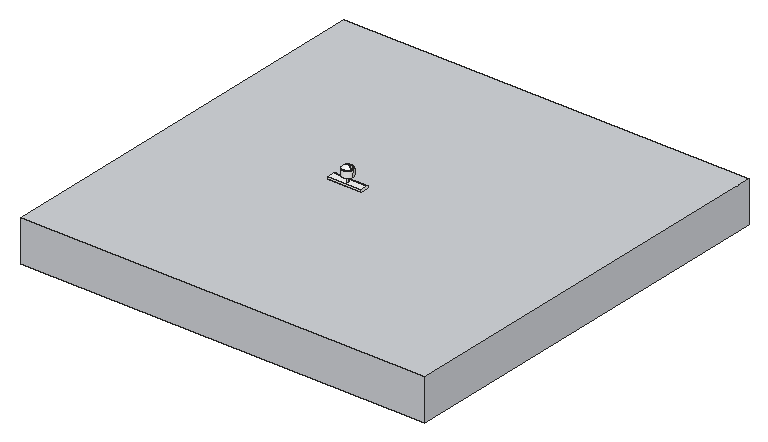
Revit family "Zumtobel ED-EYE TEC", category Lighting Fixtures, host Face, Revit 2020
Family settings
  Host = Face
  Round Connector Dimension = Use Diameter
  Part Type = Normal
  OmniClass Number = 23.80.70.11
  OmniClass Title = Luminaries for Internal Lighting
  Cut with Voids When Loaded = No
  Light Source = No
  Shared = No
  Room Calculation Point = No
Parameters (values of type "ED-EYE TEC")
  Width = 248 mm  # constant formula
  Wattage Comments = ""
  URL = "http://www.zumtobel.com/22169253"
  Type Comments = "© Zumtobel. We reserve the right to make technical changes without prior notice."  # constant formula
  Height = 126 mm  # constant formula
  Depth = 82 mm  # constant formula
  Model = "22169253"
  Manufacturer = "Zumtobel Lighting"  # constant formula
  Lamp = ""
  Description = "DALI light sensor with TECTON adapter."  # constant formula
  Default Elevation = 0 mm
  Body = ZG_Metal_White
  Assembly Code = "D5020200"
  Apparent Load = 1.3 VA
Reference planes
  plane 1 "Center (Front/Back)": y = 0
  plane 2 "Bottom": z = 0
  plane 3 "Center (Left/Right)": x = -735.5
  plane 4 "Left": x = -859.5
  plane 5: z = 18.928
  plane 6 "Right": x = -611.5
  plane 7: x = -780
  plane 8: x = -691
  plane 9: y = 44.5
  plane 10: y = -44.5
  plane 11: z = 125.928
Forms (mm)
  Extrusion 1, solid
    sketch origin (123, 0, 0) x (1, 0, 0) y (0, 1, 0)
      loop
        line (-2085.5, 1500) -> (-2085.5, -1500) -> (914.5, -1500) -> (914.5, 1500) -> (-2085.5, 1500)
    from 0 to -304.8
  Extrusion 2, solid, material "ZG_Metal_White" <- "Body"
    sketch origin (-735.5, 0, -57.072) x (0, -1, 0) y (0, 0, 1)
      loop
        line (-28, 74) -> (-30, 76) -> (-30, 62) -> (-24.468, 62) -> (-24.468, 50.994) -> (-21.81, 50.994) -> (-21.81, 57.072) -> (21.81, 57.072) -> (21.81, 50.994) -> (24.468, 50.994) -> (24.468, 62) -> (30, 62) -> (30, 76) -> (28, 74) -> (-28, 74)
    from -124 to 124
  Revolve 3, solid, material "ZG_Metal_White" <- "Body"
    sketch origin (-735.5, 0, -57.072) x (-1, 0, 0) y (0, 0, 1)
      loop
        arc (0, 183) -> (-20.221, 178.195) -> (-36.118, 164.807) r 44.949
        arc (-36.118, 164.807) -> (-37.502, 162.83) -> (-38.778, 160.782) r 44.949
        line (-38.778, 160.782) -> (-36.661, 160.782) -> (-36.661, 158.282) -> (-41, 158.282) -> (-41, 118) -> (-6.924, 118) -> (-6.924, 76) -> (0, 76) -> (0, 183)
      axis (0, 183) -> (0, 76)
    angle from 0 to 360
  Extrusion 4, solid, material "ZG_Metal_White" <- "Body"
    sketch origin (0, 0, 0) x (1, 0, 0) y (0, 0, 1)
      loop
        line (-735.5, 125.428) -> (-735.5, 113.313) -> (-705.614, 113.313) -> (-705.614, 125.428) -> (-735.5, 125.428)
    from -6 to 6
Cuts and joins
  joined: Revolve 3, Extrusion 4
Lines and regions (mm)
  symbolic lines, not visible, detail levels coarse
    curve 1: line (-735.5, 80, 0) -> (-735.5, -80, 0)
    curve 2: line (-735.5, 80, 0) -> (-735.5, -80, 0)
Dimensions and locks
  locked: plane 5 to level at 18.928
  equal spacing: plane 4 "Left", plane 3 "Center (Left/Right)", plane 6 "Right"
  locked: plane 4 "Left" to plane 6 "Right" at 248
  plane 11 to plane 5 = 107 mm
  aligned and locked: plane 2 "Bottom" to Extrusion 1
  aligned and locked: level to Extrusion 1
  aligned and locked: plane 4 "Left" to Extrusion 2
  aligned and locked: plane 6 "Right" to Extrusion 2
Automatic sketch dimensions
  curve 1 to plane 3 "Center (Left/Right)" = 0 mm
  curve 2 to plane 3 "Center (Left/Right)" = 0 mm
  curve 2 to curve 1 = 0 mm
  curve 1 to curve 2 = 0 mm
  Extrusion 1 sketch curve to Extrusion 1 sketch curve = 3000 mm  (x2)
  Extrusion 2 sketch curve to plane 5 = 0 mm  (x2)
  Extrusion 2 sketch curve to level = 0 mm
  Extrusion 2 sketch curve to plane 5 = 2 mm
  Extrusion 2 sketch curve to Extrusion 2 sketch curve = 2 mm  (x2)
  Extrusion 2 sketch curve to Extrusion 2 sketch curve = 5.532 mm
  Extrusion 2 sketch curve to level = 6.078 mm  (x2)
  level to Extrusion 2 sketch curve = 4.928 mm  (x2)
  curve 2 to plane 1 "Center (Front/Back)" = 80 mm
  Extrusion 2 sketch curve to plane 1 "Center (Front/Back)" = 21.81 mm
  Extrusion 2 sketch curve to Extrusion 2 sketch curve = 2.658 mm  (x2)
  Extrusion 2 sketch curve to Extrusion 2 sketch curve = 3.532 mm
  plane 1 "Center (Front/Back)" to curve 2 = 80 mm
  plane 1 "Center (Front/Back)" to Extrusion 2 sketch curve = 21.81 mm
  Revolve 3 sketch curve to Revolve 3 sketch curve = 0 mm  (x2)
  Revolve 3 sketch curve to plane 5 = 0 mm
  plane 3 "Center (Left/Right)" to Revolve 3 sketch curve = 0 mm  (x2)
  Revolve 3 sketch curve to plane 11 = 0 mm
  Revolve 3 sketch curve to plane 3 "Center (Left/Right)" = 6.924 mm
  Revolve 3 sketch curve to plane 8 = 7.839 mm
  Revolve 3 sketch curve to Revolve 3 sketch curve = 2.117 mm
  Revolve 3 sketch curve to plane 8 = 3.5 mm
  plane 5 to Revolve 3 sketch curve = 42 mm
  Revolve 3 sketch curve to Revolve 3 sketch curve = 20.051 mm
  Revolve 3 sketch curve to Revolve 3 sketch curve = 2.5 mm
  Revolve 3 sketch curve to Revolve 3 sketch curve = 0.543 mm
  Revolve 3 sketch curve to level = 46.072 mm
  Revolve 3 sketch curve to Revolve 3 sketch curve = 25 mm
  plane 3 "Center (Left/Right)" to Extrusion 4 sketch curve = 0 mm
  Extrusion 4 sketch curve to plane 8 = 14.614 mm
  Extrusion 4 sketch curve to plane 11 = 12.615 mm
  Extrusion 4 sketch curve to plane 11 = 0.5 mm
Connectors
  electrical at (-735.5, 0, 0)
    settings: on Extrusion 2, index 1, voltage 0 V, apparent load 0 VA, apparent load phase1 0 VA, apparent load phase2 0 VA, apparent load phase3 0 VA, power factor 1, load classification "Lighting", number of poles 1, system type 30, power factor state 1, is connector primary yes, connector utility no, sub classification motor no, connector description "Power"
